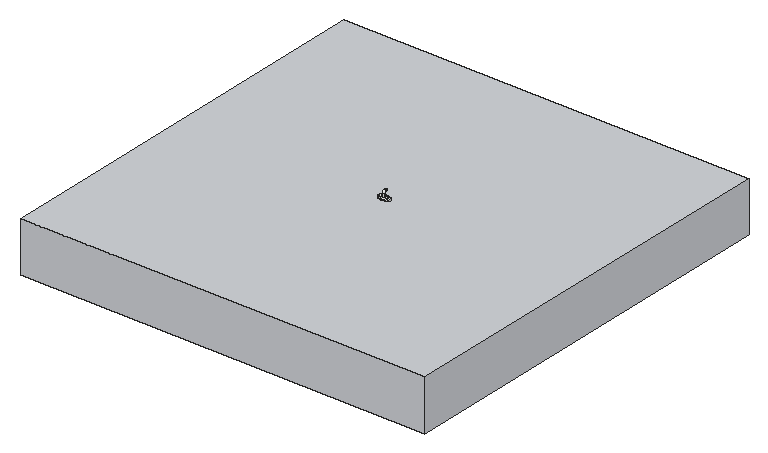
Revit family
Parameters (values of type "B-5116")
  Width = 2 11/16"
  Warranty Information = "1 Year Limited Warranty"
  URL = "http://www.bobrick.com/"
  Type Comments = ""
  Specification = "Nylon Single Clothes Hook with concealed mounting shall be one-piece polyamide 6 with glossy finish. Hook and Flange shall be secured to a Concealed Wall Plate with set screw. Nylon Single Clothes Hook shall be Model B-5116 of Bobrick Washroom Equipment, Inc., Clifton Park, New York; Jackson, Tennessee; Los Angeles, California; Bobrick Washroom Equipment Company, Scarborough, Ontario; Bobrick Washroom Equipment Pty. Ltd., Australia; and Bobrick Washroom Equipment Limited, United Kingdom."
  Price = "Prices may vary. Please consult Manufacturer Representative for most up-to-date price list."  # constant formula
  Phone Number = "416-250-5656"  # constant formula
  Omniclass Table 23 Title = "Robe Hooks"  # constant formula
  Omniclass Table 23 Code = "23.40.20.21.31"  # constant formula
  Model = "B-5116"
  Material = Polyamide 6-Fiberglass-Bobrick-Reinforced Nylon-Glossy
  Manufacturer = "Bobrick"
  Length = 1 13/16"
  Installation Type = "Wall Mounted"
  Height = 1 5/16"
  Description = "Bobrick Nylon Single Clothes Hook"
  Default Elevation = 40"
  Creation Date = "06/05/2015"  # constant formula
  Created By = "Allied Technical Services"  # constant formula
  Assembly Code = "E2010"
  ATS URL = "http://www.atsspec.net"
  ADA Compliant = yes
Reference planes (in)
  plane 1 "Center (Front/Back)": y = 0
  plane 2: z = 0
  plane 3 "Center (Left/Right)": x = 0
  plane 4: x = 1.34375
  plane 5: x = -1.34375
  plane 6: y = 0.65625
  plane 7: y = -0.65625
  plane 8: z = 0.4375
  plane 9: z = 1.8125
  plane 10: y = -40
Forms (in)
  Extrusion 1, solid
    sketch origin (0, 0, 0) x (1, 0, 0) y (0, 1, 0)
      loop
        line (-48, 48) -> (-48, -48) -> (48, -48) -> (48, 48) -> (-48, 48)
    from 0 to -12
  Sweep 2, solid, material "Polyamide 6-Fiberglass-Bobrick-Reinforced Nylon-Glossy" <- "Material"
    path origin (0, 0, 0) x (1, 0, 0) y (0, 1, 0)
      loop
        arc (-1.09482, 0.40093) -> (-1.34351, 0) -> (-1.09482, -0.40093) r 0.44753
        arc (-1.09482, -0.40093) -> (0.00105, -0.65629) -> (1.09561, -0.39536) r 2.45242
        arc (1.09561, -0.39536) -> (1.33945, 0) -> (1.09561, 0.39536) r 0.44243
        arc (1.09561, 0.39536) -> (0.00105, 0.65629) -> (-1.09482, 0.40093) r 2.45242
    profile origin (0.00105, 0.65629, 0) x (0.002546, 0.999997, 0) y (0, 0, 1)
      loop
        line (0, 0) -> (0, 0.3125)
        arc (0, 0.3125) -> (-0.03661, 0.40089) -> (-0.125, 0.4375) r 0.125
        line (-0.125, 0.4375) -> (-0.25011, 0.4375) -> (-0.25011, 0) -> (0, 0)
  Extrusion 3, solid, material "Polyamide 6-Fiberglass-Bobrick-Reinforced Nylon-Glossy" <- "Material"
    sketch origin (0, 0, 0) x (1, 0, 0) y (0, 1, 0)
      loop
        arc (-0.9837, 0.17687) -> (-1.09341, 0) -> (-0.9837, -0.17687) r 0.19743
        arc (-0.9837, -0.17687) -> (0.00042, -0.40618) -> (0.98335, -0.17186) r 2.20231
        arc (0.98335, -0.17186) -> (1.08934, 0) -> (0.98335, 0.17186) r 0.19232
        arc (0.98335, 0.17186) -> (0.00042, 0.40618) -> (-0.9837, 0.17687) r 2.20231
    from 0 to 0.4375
  Extrusion 4, void
    sketch origin (0, 0, 0) x (1, 0, 0) y (0, 0, 1)
      loop
        circle (0, 0.1462) r 0.0625
      loop
        circle (0, 0.1462) r 0.07368
    from -0.68034 to -0.61643
  Sweep 5, solid, material "Polyamide 6-Fiberglass-Bobrick-Reinforced Nylon-Glossy" <- "Material"
    path origin (0, 0, 0) x (0, 1, 0) y (0, 0, 1)
      loop
        line (-0.15625, 0.4375) -> (-0.15625, 1.375)
        arc (-0.15625, 1.375) -> (-0.08303, 1.55178) -> (0.09375, 1.625) r 0.25
        line (0.09375, 1.625) -> (0.65625, 1.625)
    profile origin (0, -0.15625, 0.90625) x (0, -1, 0) y (1, 0, 0)
      loop
        circle (0, 0) r 0.1875
  Revolve 6, void
    sketch origin (0, -0.15625, 1.625) x (1, 0, 0) y (0, 1, 0)
      loop
        line (-0.1875, 0.8125) -> (-0.1875, 0.78125)
        arc (-0.1875, 0.78125) -> (-0.17835, 0.80335) -> (-0.15625, 0.8125) r 0.03125
        line (-0.15625, 0.8125) -> (-0.1875, 0.8125)
      axis (0, 0.8125) -> (0, 0.77313)
    angle from 0 to 360
Cuts and joins
  Extrusion 4, Revolve 6 cuts Sweep 2
  Extrusion 4, Revolve 6 cuts Extrusion 3
  Revolve 6 cuts Sweep 5
  joined: Sweep 2, Extrusion 3, Sweep 5
Lines and regions (in)
  Masking region 1
    outline origin (0, 0, 0) x (1, 0, 0) y (0, 1, 0)
      loop
        spline (0, -0.65549) -> (0.34779, -0.63316) -> (0.67188, -0.56767) -> (0.95017, -0.4635) -> (1.16372, -0.32775) -> (1.29796, -0.16965) -> (1.34375, 0) -> (1.29796, 0.16965) -> (1.16372, 0.32775) -> (0.95017, 0.4635) -> (0.67188, 0.56767) -> (0.34779, 0.63316) -> (0, 0.65549)
        spline (0, 0.65549) -> (-0.34779, 0.63316) -> (-0.67187, 0.56767) -> (-0.95017, 0.4635) -> (-1.16372, 0.32775) -> (-1.29796, 0.16965) -> (-1.34375, 0) -> (-1.29796, -0.16965) -> (-1.16372, -0.32775) -> (-0.95017, -0.4635) -> (-0.67187, -0.56767) -> (-0.34779, -0.63316) -> (0, -0.65549)
  Masking region 2
    outline origin (0, 0, 0) x (0, 1, 0) y (0, 0, 1)
      loop
        line (0.65625, 0) -> (0.65625, 0.3125)
        arc (0.65625, 0.3125) -> (0.61964, 0.40089) -> (0.53125, 0.4375) r 0.125
        line (0.53125, 0.4375) -> (0.03125, 0.4375) -> (0.03125, 1.375)
        arc (0.03125, 1.375) -> (0.04956, 1.41919) -> (0.09375, 1.4375) r 0.0625
        line (0.09375, 1.4375) -> (0.625, 1.4375)
        arc (0.625, 1.4375) -> (0.6471, 1.44665) -> (0.65625, 1.46875) r 0.03125
        line (0.65625, 1.46875) -> (0.65625, 1.78125)
        arc (0.65625, 1.78125) -> (0.6471, 1.80335) -> (0.625, 1.8125) r 0.03125
        line (0.625, 1.8125) -> (0.09372, 1.8125)
        arc (0.09372, 1.8125) -> (-0.21562, 1.68437) -> (-0.34375, 1.37503) r 0.43747
        line (-0.34375, 1.37503) -> (-0.34375, 0.4375) -> (-0.59375, 0.4375)
        arc (-0.59375, 0.4375) -> (-0.63794, 0.41919) -> (-0.65625, 0.375) r 0.0625
        line (-0.65625, 0.375) -> (-0.65625, 0) -> (0.65625, 0)
  Masking region 3
    outline origin (0, 0, 0) x (1, 0, 0) y (0, 0, 1)
      loop
        line (1.34375, 0) -> (1.34375, 0.3125)
        arc (1.34375, 0.3125) -> (1.30714, 0.40089) -> (1.21875, 0.4375) r 0.125
        line (1.21875, 0.4375) -> (0.1875, 0.4375) -> (0.1875, 1.62496)
        arc (0.1875, 1.62496) -> (0, 1.81246) -> (-0.1875, 1.62496) r 0.1875
        line (-0.1875, 1.62496) -> (-0.1875, 0.4375) -> (-1.21875, 0.4375)
        arc (-1.21875, 0.4375) -> (-1.30714, 0.40089) -> (-1.34375, 0.3125) r 0.125
        line (-1.34375, 0.3125) -> (-1.34375, 0) -> (1.34375, 0)
  symbolic lines, detail levels medium+fine
    curve 1: line (-0.1875, -0.15625, 0) -> (-0.1875, 0.61328, 0)
    curve 2: line (0.1875, -0.15625, 0) -> (0.1875, 0.61328, 0)
    curve 3: arc (0.1875, -0.15625, 0) -> (0, -0.34375, 0) -> (-0.1875, -0.15625, 0) r 0.1875
    curve 4: line (-0.15625, 0.64453, 0) -> (0.15625, 0.64453, 0)
    curve 5: arc (-0.1875, 0.61328, 0) -> (-0.17835, 0.63538, 0) -> (-0.15625, 0.64453, 0) r 0.03125
    curve 6: arc (0.15625, 0.64453, 0) -> (0.17835, 0.63538, 0) -> (0.1875, 0.61328, 0) r 0.03125
    curve 7: line (0, 0.03125, 0.4375) -> (0, -0.34375, 0.4375)
    curve 8: arc (0.1875, 0, 1.62496) -> (0, 0, 1.43746) -> (-0.1875, 0, 1.62496) r 0.1875
    curve 11: line (0.1875, 0, 0.4375) -> (-0.1875, 0, 0.4375)
  symbolic lines, detail levels fine
    curve 9: circle (0, 0, 0.1462) r 0.0625 normal (0, 1, 0)
    curve 10: circle (0, 0, 0.1462) r 0.07368 normal (0, -1, 0)
Dimensions and locks (in)
  plane 8 to Extrusion 1 = 7/16"
  "Height": plane 6 to plane 7
  Extrusion 1 to plane 8 = 7/16"
  Extrusion 1 to plane 9 = 1 13/16"
  "Width": plane 5 to plane 4
  "Length": plane 9 to Extrusion 1
  "Default Elevation": plane 10 to plane 1 "Center (Front/Back)"
  aligned and locked: plane 2 to Extrusion 1
  aligned and locked: level to Extrusion 1
Automatic sketch dimensions
  Extrusion 1 sketch curve to Extrusion 1 sketch curve = 96"  (x2)
  plane 1 "Center (Front/Back)" to Sweep 2 sketch curve = 0"  (x2)
  Sweep 2 sketch curve to plane 5 = 0.24893"  (x2)
  Sweep 2 sketch curve to Sweep 2 sketch curve = 0"  (x3)
  Sweep 2 sketch curve to Sweep 2 sketch curve = 0.19884"
  Sweep 2 sketch curve to plane 3 "Center (Left/Right)" = 0.00519"  (x2)
  Sweep 2 sketch curve to plane 4 = 0.44673"
  Sweep 2 sketch curve to plane 1 "Center (Front/Back)" = 0.39536"
  Sweep 2 sketch curve to level = 0"
  Sweep 2 sketch curve to profile plane = 0"
  profile plane to Sweep 2 sketch curve = 1/8"
  Sweep 2 sketch curve to Sweep 2 sketch curve = 0.25011"
  level to Sweep 2 sketch curve = 5/16"
  plane 1 "Center (Front/Back)" to Extrusion 3 sketch curve = 0"  (x2)
  Extrusion 3 sketch curve to plane 1 "Center (Front/Back)" = 0.17687"
  Extrusion 3 sketch curve to plane 5 = 0.36005"
  plane 1 "Center (Front/Back)" to Extrusion 3 sketch curve = 0.17687"
  Extrusion 3 sketch curve to Extrusion 3 sketch curve = 0"  (x3)
  Extrusion 3 sketch curve to Extrusion 3 sketch curve = 0.08772"
  Extrusion 3 sketch curve to plane 3 "Center (Left/Right)" = 0.00519"  (x2)
  Extrusion 3 sketch curve to plane 4 = 0.44673"
  Extrusion 4 sketch curve to Extrusion 4 sketch curve = 0"  (x2)
  Extrusion 4 sketch curve to plane 3 "Center (Left/Right)" = 0"
  level to Extrusion 4 sketch curve = 0.1462"
  Sweep 5 sketch curve to plane 8 = 0"
  Sweep 5 sketch curve to plane 6 = 0"
  Sweep 5 sketch curve to plane 1 "Center (Front/Back)" = 3/32"
  plane 1 "Center (Front/Back)" to Sweep 5 sketch curve = 5/32"
  Sweep 5 sketch curve to plane 9 = 7/16"
  Sweep 5 sketch curve to plane 3 "Center (Left/Right)" = 0"
  Sweep 5 sketch curve to profile plane = 0"
  Revolve 6 sketch curve to plane 6 = 0"
  Revolve 6 sketch curve to plane 3 "Center (Left/Right)" = 0"
  Revolve 6 sketch curve to plane 3 "Center (Left/Right)" = 5/32"
  Revolve 6 sketch curve to Revolve 6 sketch curve = 1/32"
  plane 6 to Revolve 6 sketch curve = 0.01919"
  Revolve 6 sketch curve to Revolve 6 sketch curve = 0.03337"
  Masking region 1 sketch curve to plane 3 "Center (Left/Right)" = 0"
  plane 1 "Center (Front/Back)" to Masking region 1 sketch curve = 0"
  Masking region 1 sketch curve to plane 7 = 0.00076"
  curve 3 to plane 3 "Center (Left/Right)" = 0"
  curve 5 to plane 6 = 3/256"
  curve 5 to plane 3 "Center (Left/Right)" = 5/32"
  curve 1 to curve 3 = 3/16"
  curve 4 to curve 2 = 1/32"
  plane 1 "Center (Front/Back)" to curve 3 = 5/32"
  Masking region 2 sketch curve to level = 0"
  Masking region 2 sketch curve to plane 7 = 0"
  Masking region 2 sketch curve to plane 8 = 0"  (x2)
  Masking region 2 sketch curve to plane 9 = 0"
  Masking region 2 sketch curve to plane 6 = 0"  (x2)
  Masking region 2 sketch curve to plane 7 = 1/16"
  Masking region 2 sketch curve to plane 7 = 5/16"
  Masking region 2 sketch curve to plane 1 "Center (Front/Back)" = 1/32"
  Masking region 2 sketch curve to plane 1 "Center (Front/Back)" = 0.09372"
  Masking region 2 sketch curve to Masking region 2 sketch curve = 0.00003"  (x2)
  Masking region 2 sketch curve to plane 6 = 1/8"
  Masking region 2 sketch curve to plane 6 = 1/32"  (x2)
  curve 7 to plane 8 = 0"
  curve 7 to plane 7 = 5/16"
  curve 7 to plane 1 "Center (Front/Back)" = 1/32"
  Masking region 3 sketch curve to level = 0"
  plane 5 to Masking region 3 sketch curve = 0"
  Masking region 3 sketch curve to plane 8 = 0"  (x2)
  Masking region 3 sketch curve to plane 3 "Center (Left/Right)" = 0"
  Masking region 3 sketch curve to plane 4 = 0"
  Masking region 3 sketch curve to plane 5 = 1/8"
  Masking region 3 sketch curve to Masking region 3 sketch curve = 1/8"
  Masking region 3 sketch curve to plane 9 = 0.18754"
  Masking region 3 sketch curve to plane 3 "Center (Left/Right)" = 3/16"
  curve 9 to curve 10 = 0"  (x2)
  curve 11 to plane 8 = 0"
  curve 9 to plane 3 "Center (Left/Right)" = 0"
  curve 8 to plane 3 "Center (Left/Right)" = 0"
  curve 8 to curve 8 = 3/16"
  curve 11 to plane 3 "Center (Left/Right)" = 3/16"
  plane 3 "Center (Left/Right)" to curve 11 = 3/16"
  level to curve 9 = 0.1462"
  curve 8 to plane 9 = 0.18754"
  radius of Extrusion 4 sketch curve = 1/16"
  radius of Extrusion 4 sketch curve = 0.07368"
  radius of Sweep 5 sketch curve = 3/16"
  radius of curve 9 = 1/16"
  radius of curve 10 = 0.07368"
